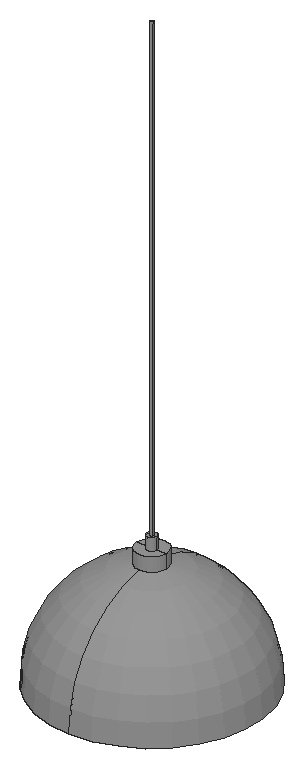
Revit family "Bommel Bowl Lamp - Birch", category Lighting Fixtures, host Ceiling, Revit 2020
Family settings
  Host = Ceiling
  Round Connector Dimension = Use Diameter
  Part Type = Normal
  OmniClass Number = 23.80.70.11
  OmniClass Title = Luminaries for Internal Lighting
  Always vertical = Yes
  Cut with Voids When Loaded = No
  Light Source = Yes
  Shared = No
  Room Calculation Point = No
Parameters
  Width = 0
  Wattage = 12.1178 W
  WarrantyPeriod = 0
  WarrantyGuarantorParts = ""
  WarrantyGuarantorLabor = ""
  WarrantyDurationParts = 0
  WarrantyDurationLabor = 0
  WarrantyDescription = ""
  WarrantyContent = ""
  built-in parameter 1150110 = 1 (stored number, unit not read)
  VisibleLightTransmittance = ""
  built-in parameter 1114217 = 1 (stored number, unit not read)
  built-in parameter 1150109 = 1 (stored number, unit not read)
  built-in parameter 1150134 = (empty or 0)
  built-in parameter 1150113 = 1 (stored number, unit not read)
  Size = ""
  Shape = ""
  ReplacementCost = 0
  Reference = ""
  NominalWidth = 0
  NominalLength = 0
  NominalHeight = 0
  ModelReference = ""
  ModelLabel = ""
  MaterialFrame = ""
  Material = ""
  Lumens = 1800 lm
  built-in parameter 1010506 = 0.5236 (stored number, unit not read)
  built-in parameter 1010507 = 1.5708 (stored number, unit not read)
  Tilt Angle = 90.00°
  built-in parameter 1150115 = 1 (stored number, unit not read)
  built-in parameter 1150105 = 6018.4 (stored number, unit not read)
  Light Source Symbol Length = 10' - 0"
  built-in parameter 1150137 = (empty or 0)
  built-in parameter 1150139 = (empty or 0)
  built-in parameter 1150112 = 1 (stored number, unit not read)
  built-in parameter 1150114 = 1 (stored number, unit not read)
  IsExtendedWarranty = 0
  built-in parameter 1150132 = 2
  built-in parameter 1150102 = (empty or 0)
  built-in parameter 1150138 = (empty or 0)
  built-in parameter 1150107 = 3000 (stored number, unit not read)
  built-in parameter 1150106 = 60.184 (stored number, unit not read)
  Height = 0
  GlobalTradeItemNumber = ""
  Finish = ""
  Features = ""
  ExpectedLife = ""
  built-in parameter 1150104 = 13.8 (stored number, unit not read)
  DurabilityRating = ""
  Dimming Lamp Color Temperature Shift = <None>
  Default Elevation = 0' - 0"
  CreatedBy = ""
  ConstructionMethod = ""
  Color Filter = 16777215
  Color = ""
  CodePerformance = ""
  CoatingFrame = ""
  BatchReference = ""
  BarCode = 0
  built-in parameter 1114218 = 1 (stored number, unit not read)
  built-in parameter 1150133 = 10 (stored number, unit not read)
  AssemblyPlace = ""
  ArticleNumber = ""
  Area = 0
  AccessibilityPerformance = ""
Reference planes (in)
  plane 1 "Light Source Axis (F/B)": y = 0
  plane 2 "Ceiling": z = 96
  plane 3 "Light Source Axis (L/R)": x = 0
  plane 4 "Light Source Elevation": z = 69.42575
  plane 5: z = 71.29986
Forms (in)
  Revolve 1, solid
    sketch origin (0, 0, -20.70277) x (0, 1, 0) y (0, 0, 1)
      loop
        line (5.19917, 86.5) -> (5.25, 86.5)
        arc (5.25, 86.5) -> (4.04952, 90.1096) -> (0.75, 92.00263) r 5.33653
        line (0.75, 92.00263) -> (0, 92.00263) -> (0, 91.95246) -> (0.74209, 91.95246)
        arc (0.74209, 91.95246) -> (4.01091, 90.0766) -> (5.19917, 86.5) r 5.28575
      axis (0, 92.00263) -> (0, 86.5)
    angle from 0 to 360
  Revolve 2, solid
    sketch origin (0, 0, 0) x (1, 0, 0) y (0, 0, 1)
      loop
        line (0, 71.29986) -> (0, 71.99721) -> (-0.75, 71.99721) -> (-0.75, 71.29986) -> (0, 71.29986)
      axis (0, 71.99721) -> (0, 71.29986)
    angle from 0 to 360
  Revolve 3, solid
    sketch origin (0, 0, 0.69735) x (1, 0, 0) y (0, 0, 1)
      loop
        line (0, 71.29986) -> (0, 71.87988) -> (-0.25, 71.87988) -> (-0.25, 71.29986) -> (0, 71.29986)
      axis (0, 71.87988) -> (0, 71.29986)
    angle from 0 to 360
  Revolve 4, solid
    sketch origin (0, 0, 0) x (1, 0, 0) y (0, 0, 1)
      loop
        line (0, 72.57723) -> (0, 96) -> (-0.06648, 96) -> (-0.06648, 72.57723) -> (0, 72.57723)
      axis (0, 96) -> (0, 72.57723)
    angle from 0 to 360
  Revolve 5, solid
    sketch origin (0, 0, 0) x (0, 1, 0) y (0, 0, 1)
      loop
        line (0.74209, 71.2497) -> (0, 71.2497) -> (0, 67.42669)
        arc (0, 67.42669) -> (1.11209, 68.08366) -> (1.125, 69.37525) r 1.31447
        spline (1.125, 69.37525) -> (0.91239, 69.694) -> (0.76951, 69.96221) -> (0.68502, 70.18518) -> (0.64759, 70.36825) -> (0.6459, 70.51675) -> (0.66863, 70.63599) -> (0.70443, 70.73131) -> (0.74205, 70.80824) -> (0.77199, 70.8788) -> (0.78685, 70.96257) -> (0.77931, 71.07954) -> (0.74209, 71.2497)
      axis (0, 71.2497) -> (0, 67.42669)
    angle from 0 to 360
Text (in)
  text "0 Tilt Angle" at (-58.35608, 9.29162, 84), in view "Ref. Level"
  text "180 Tilt Angle" at (25.71096, 9.29162, 84), in view "Ref. Level"
Dimensions and locks (in)
  equal spacing: host sketch curve, plane 3 "Light Source Axis (L/R)", host sketch curve
  equal spacing: host sketch curve, plane 1 "Light Source Axis (F/B)", host sketch curve
  host sketch curve to host sketch curve = 10' - 0"  (x2)
  aligned and locked: plane 1 "Light Source Axis (F/B)" to imposter light
  aligned and locked: plane 4 "Light Source Elevation" to imposter light
  aligned and locked: plane 5 to Revolve 2
  aligned and locked: Revolve 2 to Revolve 3
